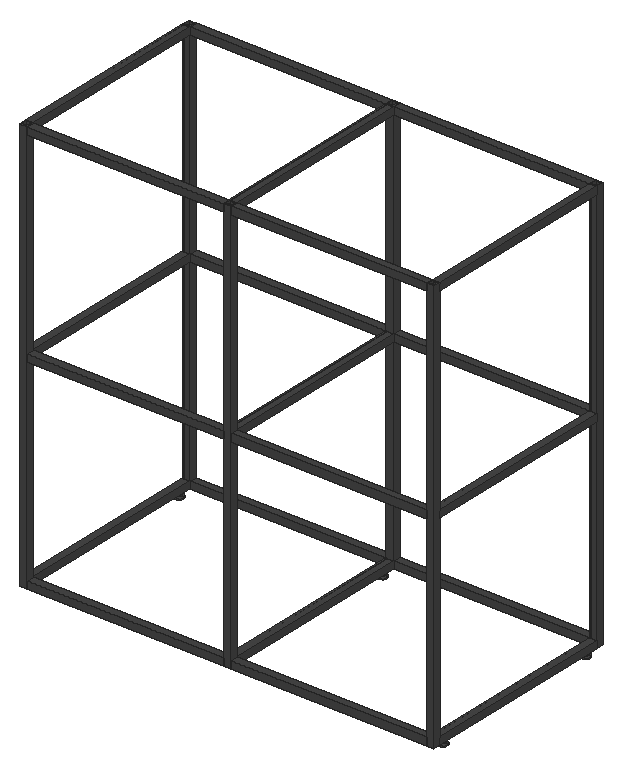
Revit family "DBLTD_TheSenatorGroup_OffcStrg_CrateDivide_InlineFrame_US", category Furniture, Revit 2018
Family settings
  Work Plane-Based = No
  Always vertical = Yes
  Cut with Voids When Loaded = No
  Shared = Yes
  Room Calculation Point = No
Parameters (values of type "2-High 2 Bay Unit")
  WarrantyStartDate [instance] = "1900-12-31T23:59:59"
  WarrantyGuarantorParts = "n/a"
  WarrantyGuarantorLabor = "n/a"
  WarrantyDurationUnit = "Years"
  WarrantyDurationParts = "n/a"
  WarrantyDurationLabor = "n/a"
  WarrantyDescription = "Allermuir will repair, or replace (at Allermuir’s sole discretion) with comparable free of charge materials/ components, any product/ component which fails under normal use in a single shift environment, as a result of a defect in the materials and/or workmanship. Exceptions - Non-standard product - 2 years Screen-mounted Accessories/ Dry-wipe Boards - 2 years Electrical and/or electronic componentry - 2 years. Exclusions - Allermuir does not warrant: Failure due to normal “Wear and Tear”. Natural variations in appearance of wood - its grain, figure and colour. Changes in surface appearance resulting from exposure to light, and the natural ageing process of wood. Changes in surface appearance resulting from the misuse of cleaning materials and methods/ damage form sharp objects/ imprinting from writing implements. Natural variations in Leather - its marks, scars and wrinkles. Product stored/ exposed to extreme operational conditions. Consumable components such as Fuses/ Lights/ lamps/ transformers/etc. Other Manufacturer’s product supplied by Allermuir (their own warranty shall apply where possible). Non-standard fabrics/ finishes or veneers used. Allermuir only checks the manufacturing quality of Customer’s Own Material (COM) and provides no warrant"
  Version = "2"  # constant formula
  Uniclass2015Version = "Products v1.9"
  Uniclass2015Title = "Office storage units"
  Uniclass2015Code = "Pr_40_30_78_57"
  URL = "https://www.thesenatorgroup.com/"
  Type Comments = "2-high 2 bay unit"
  TagNumber [instance] = "n/a"
  SustainabilityPerformance = "Contains up to 50.00% of Recycled Material"
  Style = "n/a"
  Size = "L 18\" x  W 35.5\" x  H 35.5\""
  Shape = "Rectangular"
  SerialNumber [instance] = "n/a"
  Revision = "n/a"
  ReplacementCost = "n/a"
  ProductInformation = "https://www.thesenatorgroup.com/en/catalog/allermuir/tables-storage/crate-divide"
  OmniClassTitle = "Storage"
  OmniClassCode = "22-12 51 19"
  NominalWidth = 899.922 mm
  NominalLength = 899.922 mm
  NominalHeight = 899.922 mm
  NominalDepth = 457.962 mm
  Name = "OfficeStorage_CrateDivide_InlineFrame"
  NBSReference = "45-35-80/360"
  NBSDescription = "Office storage"
  NBSCertification = ""
  ModelReference = "2-high 2 bay unit"
  ModelNumber = "CRT2H2B"
  Model = "CRT2H2B"
  Material = "Tubular Steel"
  ManufacturerURL = "https://www.thesenatorgroup.com/"
  ManufacturerName = "The Senator Group"
  Manufacturer = "The Senator Group"
  MainColor = "n/a"
  Keynote = "Pr_40_30_78_57"
  Is2Bay = yes
  InstallationDate [instance] = "1900-12-31T23:59:59"
  IfcExportType = "STORAGE"  # constant formula
  IfcExportAs = "IfcFurnitureType"  # constant formula
  Grade = "n/a"
  FrameMaterial [instance] = TheSenatorGroup_Plastic_Black
  Finish = "Black powder coat as standard. Optional colours available White, Sage, Bronze and Aubergine"
  Features = "A cube based modular storage system with a prime function to to act as a room divider. Create spaces using the modular design of Crate. Pre-built components can be connected together in-line or at right angles to create different zones within existing spaces."
  ExpectedLife = "n/a"
  DurationUnit = "year"
  Description = "2-high 2 bay unit"
  Cost = 0
  Constituents = "Tubular Steel frame available in Optional White, Sage, Bronze and Aubergine powder coat"
  Color = "Defined by Finish Specifed"
  CodePerformance = "n/a"
  CentralFrame = not(Is2Bay)  # no
  Category = "Pr_40_30_78_57:Office storage units"
  BayHeight = DBLTD_TheSenatorGroup_OffcStrg_CrateDivide_LinkingBars_Nested : Bars to Link 2-High Bay Unit
  BarCode [instance] = "n/a"
  BIMObjectName = "TheSenatorGroup_OfficeStorage_CrateDivide_InlineFrame"
  Author = "Diane Butterworth Ltd"  # constant formula
  AssetType = "Movable"
  AssetIdentifier [instance] = "n/a"
  AccessibilityPerformance = "n/a"
Types (8, lengths in mm): name | Type Comments | Size | NominalWidth | NominalLength | NominalHeight | ModelReference | ModelNumber | Model | Is2Bay | Description | CentralFrame | BayHeight
  2-High 1 Bay Unit | "2-high 1 bay unit" | "L 18\" x  W 18\" x  H 35.5\"" | 457.962 | 457.962 | 899.922 | "2-high 1 bay unit" | "CRT2H1B" | "CRT2H1B" | no | "2-high 1 bay unit" | yes | DBLTD_TheSenatorGroup_OffcStrg_CrateDivide_LinkingBars_Nested : Bars to Link 2-High Bay Unit
  2-High 2 Bay Unit | "2-high 2 bay unit" | "L 18\" x  W 35.5\" x  H 35.5\"" | 899.922 | 899.922 | 899.922 | "2-high 2 bay unit" | "CRT2H2B" | "CRT2H2B" | yes | "2-high 2 bay unit" | no | DBLTD_TheSenatorGroup_OffcStrg_CrateDivide_LinkingBars_Nested : Bars to Link 2-High Bay Unit
  3-High 2 Bay Unit | "3-high 2 bay unit" | "L 18\" x  W 35.5\" x  H 53\"" | 899.922 | 899.922 | 1347.978 | "3-high 2 bay unit" | "CRT3H2B" | "CRT3H2B" | yes | "3-high 2 bay unit" | no | DBLTD_TheSenatorGroup_OffcStrg_CrateDivide_LinkingBars_Nested : Bars to Link 3-High Bay Unit
  3-High 1 Bay Unit | "3-high 1 bay unit" | "L 18\" x  W L 18\" x  H 53\"" | 457.962 | 457.962 | 1347.978 | "3-high 1 bay unit" | "CRT3H1B" | "CRT3H1B" | no | "3-high 1 bay unit" | yes | DBLTD_TheSenatorGroup_OffcStrg_CrateDivide_LinkingBars_Nested : Bars to Link 3-High Bay Unit
  4-High 1 Bay Unit | "4-high 1 bay unit" | "L 18\" x  L 18\" x  H 30\"" | 457.962 | 457.962 | 1789.938 | "4-high 1 bay unit" | "CRT4H1B" | "CRT4H1B" | no | "4-high 1 bay unit" | yes | DBLTD_TheSenatorGroup_OffcStrg_CrateDivide_LinkingBars_Nested : Bars to Link 4-High Bay Unit
  4-High 2 Bay Unit | "4-high 2 bay unit" | "L 18\" x  W 35.5\" x  H 30\"" | 899.922 | 899.922 | 1789.938 | "4-high 2 bay unit" | "CRT4H2B" | "CRT4H2B" | yes | "4-high 2 bay unit" | no | DBLTD_TheSenatorGroup_OffcStrg_CrateDivide_LinkingBars_Nested : Bars to Link 4-High Bay Unit
  5-High 1 Bay Unit | "5-high 1 bay unit" | "L 18\" x  W L 18\" x  H 88\"" | 457.962 | 457.962 | 2231.898 | "5-high 1 bay unit" | "CRT5H1B" | "CRT5H1B" | no | "5-high 1 bay unit" | yes | DBLTD_TheSenatorGroup_OffcStrg_CrateDivide_LinkingBars_Nested : Bars to Link 5-High Bay Unit
  5-High 2 Bay Unit | "5-high 2 bay unit" | "L 18\" x  W 35.5\" x  H 88\"" | 899.922 | 899.922 | 2231.898 | "5-high 2 bay unit" | "CRT5H2B" | "CRT5H2B" | yes | "5-high 2 bay unit" | no | DBLTD_TheSenatorGroup_OffcStrg_CrateDivide_LinkingBars_Nested : Bars to Link 5-High Bay Unit
Reference planes
  plane 1 "Back": y = 0
  plane 2: z = 0
  plane 3 "Center (Left/Right)": x = 0
  plane 4 "Front": y = -457.962
  plane 5 "Left": x = -449.961
  plane 6 "Right": x = 449.961
  plane 7 "Top": z = 899.922
  plane 8: y = -228.981
Dimensions and locks
  "NominalDepth": plane 4 "Front" to plane 1 "Back"
  equal spacing: plane 5 "Left", plane 3 "Center (Left/Right)", plane 6 "Right"
  "NominalLength": plane 5 "Left" to plane 6 "Right"
  "NominalHeight": plane 7 "Top" to level
  equal spacing: plane 4 "Front", plane 8, plane 1 "Back"
  aligned and locked: level to plane 2
  aligned and locked: plane 5 "Left" to nested 1
  aligned and locked: plane 6 "Right" to nested 2
Nested families
  nested 1: "DBLTD_TheSenatorGroup_OffcStrg_CrateDivide_LinkingBars_Nested" at (-220.961, 0, 0), FrameMaterial <- "FrameMaterial", type <- "BayHeight", type "Bars to Link 2-High Bay Unit"
    with FrameMaterial TheSenatorGroup_Plastic_Black
  nested 2: "DBLTD_TheSenatorGroup_OffcStrg_CrateDivide_LinkingBars_Nested" at (220.961, 0, 0), FrameMaterial <- "FrameMaterial", visible <- "Is2Bay", Is2Bay <- "CentralFrame", type <- "BayHeight", type "Bars to Link 2-High Bay Unit"
    with Is2Bay no, FrameMaterial TheSenatorGroup_Plastic_Black
Definition of nested family "DBLTD_TheSenatorGroup_OffcStrg_CrateDivide_LinkingBars_Nested"
  Parameters (values of type "Bars to Link 2-High Bay Unit")
    URL = "https://www.thesenatorgroup.com/"
    Type Comments = ""
    Model = ""
    Manufacturer = "The Senator Group"
    Keynote = ""
    Is2Bay [instance] = yes
    FrameNumber = 2
    FrameMaterial [instance] = none
    FrameHeight = 899.93 mm
    Description = ""
    Cost = 0
  Types (4, lengths in mm): name | FrameNumber | FrameHeight
    Bars to Link 2-High Bay Unit | 2 | 899.93
    Bars to Link 3-High Bay Unit | 3 | 1342
    Bars to Link 4-High Bay Unit | 4 | 1784
    Bars to Link 5-High Bay Unit | 5 | 2226
  Reference planes
    plane 1 "Back": y = 0
    plane 2: z = 0
    plane 3 "Center (Left/Right)": x = 0
    plane 4 "Front": y = -458
    plane 5 "Left": x = -229
    plane 6 "Right": x = 229
    plane 7: y = -229
  Forms (mm)
    Extrusion 1, solid, material <- "FrameMaterial"
      sketch origin (0, 0, 0) x (0, 1, 0) y (0, 0, 1)
        loop
          line (-442.12, 25.88) -> (-458, 25.88) -> (-458, 10) -> (-442.12, 10) -> (-442.12, 25.88)
        loop
          line (0, 25.88) -> (-16, 25.88) -> (-16, 10) -> (0, 10) -> (0, 25.88)
        loop
          line (-2, 23.88) -> (-14, 23.88) -> (-14, 12) -> (-2, 12) -> (-2, 23.88)
        loop
          line (-444.12, 23.88) -> (-456, 23.88) -> (-456, 12) -> (-444.12, 12) -> (-444.12, 23.88)
      from -213.06 to 213.06
    Extrusion 2, solid, material <- "FrameMaterial"
      sketch origin (0, 0, 442.05) x (0, 1, 0) y (0, 0, 1)
        loop
          line (-442.12, 25.88) -> (-458, 25.88) -> (-458, 10) -> (-442.12, 10) -> (-442.12, 25.88)
        loop
          line (0, 25.88) -> (-16, 25.88) -> (-16, 10) -> (0, 10) -> (0, 25.88)
        loop
          line (-2, 23.88) -> (-14, 23.88) -> (-14, 12) -> (-2, 12) -> (-2, 23.88)
        loop
          line (-444.12, 23.88) -> (-456, 23.88) -> (-456, 12) -> (-444.12, 12) -> (-444.12, 23.88)
      from -213.06 to 213.06
    Extrusion 3, solid, material <- "FrameMaterial"
      sketch origin (0, 0, 884.05) x (0, 1, 0) y (0, 0, 1)
        loop
          line (-442.12, 25.88) -> (-458, 25.88) -> (-458, 10) -> (-442.12, 10) -> (-442.12, 25.88)
        loop
          line (0, 25.88) -> (-16, 25.88) -> (-16, 10) -> (0, 10) -> (0, 25.88)
        loop
          line (-2, 23.88) -> (-14, 23.88) -> (-14, 12) -> (-2, 12) -> (-2, 23.88)
        loop
          line (-444.12, 23.88) -> (-456, 23.88) -> (-456, 12) -> (-444.12, 12) -> (-444.12, 23.88)
      from -213.06 to 213.06
    Extrusion 4, solid, material <- "FrameMaterial", visible <- "Is2Bay"
      sketch origin (0, 0, 10) x (-1, 0, 0) y (0, -1, 0)
        loop
          line (229, 0) -> (229, 16) -> (213.06, 16) -> (213.06, 0) -> (229, 0)
        loop
          line (213.06, 442.12) -> (229, 442.12) -> (229, 458) -> (213.06, 458) -> (213.06, 442.12)
        loop
          line (227, 2) -> (227, 14) -> (215.06, 14) -> (215.06, 2) -> (227, 2)
        loop
          line (227, 444.12) -> (227, 456.12) -> (215.06, 456.12) -> (215.06, 444.12) -> (227, 444.12)
      from 0 to 899.93 <- "FrameHeight"
    Extrusion 5, solid, material <- "FrameMaterial"
      sketch origin (0, 0, 10) x (1, 0, 0) y (0, 1, 0)
        loop
          line (229, 0) -> (213.06, 0) -> (213.06, -16) -> (229, -16) -> (229, 0)
        loop
          line (213.06, -442.12) -> (213.06, -458) -> (229, -458) -> (229, -442.12) -> (213.06, -442.12)
        loop
          line (227, -2) -> (215.06, -2) -> (215.06, -14) -> (227, -14) -> (227, -2)
        loop
          line (227, -444.12) -> (215.06, -444.12) -> (215.06, -456.12) -> (227, -456.12) -> (227, -444.12)
      from 0 to 899.93 <- "FrameHeight"
    Extrusion 6, solid, material <- "FrameMaterial"
      sketch origin (-229, -229.06, 0) x (-1, 0, 0) y (0, 0, 1)
        loop
          line (-442.06, 25.88) -> (-458, 25.88) -> (-458, 10) -> (-442.06, 10) -> (-442.06, 25.88)
        loop
          line (-444.06, 23.88) -> (-456, 23.88) -> (-456, 12) -> (-444.06, 12) -> (-444.06, 23.88)
      from -213.06 to 213.06
    Extrusion 7, solid, material <- "FrameMaterial", visible <- "Is2Bay"
      sketch origin (-671.06, -229.06, 0) x (-1, 0, 0) y (0, 0, 1)
        loop
          line (-442.06, 25.88) -> (-458, 25.88) -> (-458, 10) -> (-442.06, 10) -> (-442.06, 25.88)
        loop
          line (-444.06, 23.88) -> (-456, 23.88) -> (-456, 12) -> (-444.06, 12) -> (-444.06, 23.88)
      from -213.06 to 213.06
    Extrusion 8, solid, material <- "FrameMaterial", not visible
      sketch origin (-229, -229.06, -10) x (-1, 0, 0) y (0, 0, 1)
        loop
          line (-442.06, 25.88) -> (-458, 25.88) -> (-458, 10) -> (-442.06, 10) -> (-442.06, 25.88)
        loop
          line (-444.06, 23.88) -> (-456, 23.88) -> (-456, 12) -> (-444.06, 12) -> (-444.06, 23.88)
      from -213.06 to 213.06
    Extrusion 9, solid, material <- "FrameMaterial", visible <- "Is2Bay", not visible
      sketch origin (-671.06, -229.06, -10) x (-1, 0, 0) y (0, 0, 1)
        loop
          line (-442.06, 25.88) -> (-458, 25.88) -> (-458, 10) -> (-442.06, 10) -> (-442.06, 25.88)
        loop
          line (-444.06, 23.88) -> (-456, 23.88) -> (-456, 12) -> (-444.06, 12) -> (-444.06, 23.88)
      from -213.06 to 213.06
    Extrusion 10, solid, material <- "FrameMaterial"
      sketch origin (-229, -229.06, 442.05) x (-1, 0, 0) y (0, 0, 1)
        loop
          line (-442.06, 25.88) -> (-458, 25.88) -> (-458, 10) -> (-442.06, 10) -> (-442.06, 25.88)
        loop
          line (-444.06, 23.88) -> (-456, 23.88) -> (-456, 12) -> (-444.06, 12) -> (-444.06, 23.88)
      from -213.06 to 213.06
    Extrusion 11, solid, material <- "FrameMaterial", visible <- "Is2Bay"
      sketch origin (-671.06, -229.06, 442.05) x (-1, 0, 0) y (0, 0, 1)
        loop
          line (-442.06, 25.88) -> (-458, 25.88) -> (-458, 10) -> (-442.06, 10) -> (-442.06, 25.88)
        loop
          line (-444.06, 23.88) -> (-456, 23.88) -> (-456, 12) -> (-444.06, 12) -> (-444.06, 23.88)
      from -213.06 to 213.06
    Extrusion 12, solid, material <- "FrameMaterial"
      sketch origin (-229, -229.06, 884.05) x (-1, 0, 0) y (0, 0, 1)
        loop
          line (-442.06, 25.88) -> (-458, 25.88) -> (-458, 10) -> (-442.06, 10) -> (-442.06, 25.88)
        loop
          line (-444.06, 23.88) -> (-456, 23.88) -> (-456, 12) -> (-444.06, 12) -> (-444.06, 23.88)
      from -213.06 to 213.06
    Extrusion 13, solid, material <- "FrameMaterial", visible <- "Is2Bay"
      sketch origin (-671.06, -229.06, 884.05) x (-1, 0, 0) y (0, 0, 1)
        loop
          line (-442.06, 25.88) -> (-458, 25.88) -> (-458, 10) -> (-442.06, 10) -> (-442.06, 25.88)
        loop
          line (-444.06, 23.88) -> (-456, 23.88) -> (-456, 12) -> (-444.06, 12) -> (-444.06, 23.88)
      from -213.06 to 213.06
    Revolve 14, solid, visible <- "Is2Bay"
      sketch origin (0, -35, 0) x (1, 0, 0) y (0, 0, 1)
        loop
          line (-221.03, 10) -> (-224.53, 10) -> (-224.53, 3.867) -> (-227.78, 3.867)
          arc (-227.78, 3.867) -> (-229.194, 3.282) -> (-229.78, 1.867) r 2
          line (-229.78, 1.867) -> (-229.78, 0) -> (-221.03, 0) -> (-221.03, 10)
        axis (-221.03, 0) -> (-221.03, 10)
      angle from 0 to 360
    Revolve 15, solid, visible <- "Is2Bay"
      sketch origin (0, -423.12, 0) x (1, 0, 0) y (0, 0, -1)
        loop
          line (-221.03, -10) -> (-221.03, 0) -> (-229.78, 0) -> (-229.78, -1.867)
          arc (-229.78, -1.867) -> (-229.194, -3.282) -> (-227.78, -3.867) r 2
          line (-227.78, -3.867) -> (-224.53, -3.867) -> (-224.53, -10) -> (-221.03, -10)
        axis (-221.03, 0) -> (-221.03, -10)
      angle from 0 to 360
    Revolve 16, solid
      sketch origin (0, -35, 0) x (-1, 0, 0) y (0, 0, -1)
        loop
          line (-221.03, -10) -> (-221.03, 0) -> (-229.78, 0) -> (-229.78, -1.867)
          arc (-229.78, -1.867) -> (-229.194, -3.282) -> (-227.78, -3.867) r 2
          line (-227.78, -3.867) -> (-224.53, -3.867) -> (-224.53, -10) -> (-221.03, -10)
        axis (-221.03, 0) -> (-221.03, -10)
      angle from 0 to 360
    Revolve 17, solid
      sketch origin (0, -423.12, 0) x (-1, 0, 0) y (0, 0, 1)
        loop
          line (-221.03, 10) -> (-224.53, 10) -> (-224.53, 3.867) -> (-227.78, 3.867)
          arc (-227.78, 3.867) -> (-229.194, 3.282) -> (-229.78, 1.867) r 2
          line (-229.78, 1.867) -> (-229.78, 0) -> (-221.03, 0) -> (-221.03, 10)
        axis (-221.03, 0) -> (-221.03, 10)
      angle from 0 to 360
  Dimensions and locks
    plane 4 "Front" to plane 1 "Back" = 458 mm
    equal spacing: plane 5 "Left", plane 3 "Center (Left/Right)", plane 6 "Right"
    plane 5 "Left" to plane 6 "Right" = 458 mm
    equal spacing: plane 4 "Front", plane 7, plane 1 "Back"
    Extrusion 2 to level = 467.93 mm
    group 2 to group 3 = 0 mm  (x2)
    group 2 to group 3 = 442 mm
    group 6 to group 7 = 0 mm  (x2)
    group 6 to group 7 = 442 mm
    aligned and locked: level to plane 2
  Automatic sketch dimensions
    Extrusion 1 sketch curve to Extrusion 1 sketch curve = 15.88 mm  (x3)
    Extrusion 1 sketch curve to Extrusion 1 sketch curve = 2 mm  (x8)
    Extrusion 1 sketch curve to Extrusion 1 sketch curve = 426.12 mm
    Extrusion 1 sketch curve to Extrusion 1 sketch curve = 12 mm
    Extrusion 1 sketch curve to Extrusion 1 sketch curve = 0 mm
    Extrusion 2 sketch curve to Extrusion 2 sketch curve = 15.88 mm  (x3)
    Extrusion 2 sketch curve to Extrusion 2 sketch curve = 2 mm  (x8)
    Extrusion 2 sketch curve to Extrusion 2 sketch curve = 426.12 mm
    Extrusion 2 sketch curve to Extrusion 2 sketch curve = 12 mm
    Extrusion 2 sketch curve to Extrusion 2 sketch curve = 0 mm
    Extrusion 3 sketch curve to Extrusion 3 sketch curve = 15.88 mm  (x3)
    Extrusion 3 sketch curve to Extrusion 3 sketch curve = 2 mm  (x8)
    Extrusion 3 sketch curve to Extrusion 3 sketch curve = 426.12 mm
    Extrusion 3 sketch curve to Extrusion 3 sketch curve = 12 mm
    Extrusion 3 sketch curve to Extrusion 3 sketch curve = 0 mm
    Extrusion 6 sketch curve to Extrusion 6 sketch curve = 11.94 mm
    Extrusion 6 sketch curve to Extrusion 6 sketch curve = 2 mm  (x4)
    Extrusion 6 sketch curve to Extrusion 6 sketch curve = 11.88 mm
    Extrusion 7 sketch curve to Extrusion 7 sketch curve = 11.94 mm
    Extrusion 7 sketch curve to Extrusion 7 sketch curve = 2 mm  (x4)
    Extrusion 7 sketch curve to Extrusion 7 sketch curve = 11.88 mm
    Extrusion 8 sketch curve to Extrusion 8 sketch curve = 11.94 mm
    Extrusion 8 sketch curve to Extrusion 8 sketch curve = 2 mm  (x4)
    Extrusion 8 sketch curve to Extrusion 8 sketch curve = 11.88 mm
    Extrusion 9 sketch curve to Extrusion 9 sketch curve = 11.94 mm
    Extrusion 9 sketch curve to Extrusion 9 sketch curve = 2 mm  (x4)
    Extrusion 9 sketch curve to Extrusion 9 sketch curve = 11.88 mm
    Extrusion 10 sketch curve to Extrusion 10 sketch curve = 11.94 mm
    Extrusion 10 sketch curve to Extrusion 10 sketch curve = 2 mm  (x4)
    Extrusion 10 sketch curve to Extrusion 10 sketch curve = 11.88 mm
    Extrusion 11 sketch curve to Extrusion 11 sketch curve = 11.94 mm
    Extrusion 11 sketch curve to Extrusion 11 sketch curve = 2 mm  (x4)
    Extrusion 11 sketch curve to Extrusion 11 sketch curve = 11.88 mm
    Extrusion 12 sketch curve to Extrusion 12 sketch curve = 11.94 mm
    Extrusion 12 sketch curve to Extrusion 12 sketch curve = 2 mm  (x4)
    Extrusion 12 sketch curve to Extrusion 12 sketch curve = 11.88 mm
    Extrusion 13 sketch curve to Extrusion 13 sketch curve = 11.94 mm
    Extrusion 13 sketch curve to Extrusion 13 sketch curve = 2 mm  (x4)
    Extrusion 13 sketch curve to Extrusion 13 sketch curve = 11.88 mm
    plane 1 "Back" to Extrusion 4 sketch curve = 0 mm
    Extrusion 4 sketch curve to plane 4 "Front" = 0 mm
    Extrusion 4 sketch curve to plane 5 "Left" = 0 mm  (x2)
    plane 5 "Left" to Extrusion 4 sketch curve = 2 mm  (x2)
    plane 1 "Back" to Extrusion 4 sketch curve = 2 mm
    Extrusion 4 sketch curve to Extrusion 4 sketch curve = 11.94 mm  (x2)
    Extrusion 4 sketch curve to Extrusion 4 sketch curve = 2 mm  (x4)
    Extrusion 4 sketch curve to Extrusion 4 sketch curve = 12 mm
    plane 4 "Front" to Extrusion 4 sketch curve = 15.88 mm
    plane 4 "Front" to Extrusion 4 sketch curve = 1.88 mm
    plane 1 "Back" to Extrusion 5 sketch curve = 0 mm
    Extrusion 5 sketch curve to plane 4 "Front" = 0 mm
    Extrusion 5 sketch curve to plane 6 "Right" = 0 mm  (x2)
    Extrusion 5 sketch curve to plane 6 "Right" = 2 mm  (x2)
    plane 1 "Back" to Extrusion 5 sketch curve = 2 mm
    Extrusion 5 sketch curve to Extrusion 5 sketch curve = 11.94 mm  (x2)
    Extrusion 5 sketch curve to Extrusion 5 sketch curve = 2 mm  (x4)
    plane 4 "Front" to Extrusion 5 sketch curve = 1.88 mm
    Extrusion 5 sketch curve to Extrusion 5 sketch curve = 12 mm
    Extrusion 5 sketch curve to Extrusion 5 sketch curve = 14 mm
    Revolve 14 sketch curve to level = 0 mm
    Revolve 14 sketch curve to plane 5 "Left" = 0.78 mm
    plane 5 "Left" to Revolve 14 sketch curve = 1.22 mm
    plane 5 "Left" to Revolve 14 sketch curve = 4.47 mm
    Revolve 14 sketch curve to Revolve 14 sketch curve = 3.5 mm  (x2)
    level to Revolve 14 sketch curve = 1.867 mm
    Revolve 14 sketch curve to Revolve 14 sketch curve = 6.133 mm
    Revolve 14 sketch curve to Revolve 14 sketch curve = 0 mm
    Revolve 14 sketch curve to Revolve 14 sketch curve = 5.73 mm
    Revolve 15 sketch curve to level = 0 mm
    Revolve 15 sketch curve to plane 5 "Left" = 0.78 mm
    plane 5 "Left" to Revolve 15 sketch curve = 1.22 mm
    plane 5 "Left" to Revolve 15 sketch curve = 4.47 mm
    Revolve 15 sketch curve to Revolve 15 sketch curve = 3.5 mm  (x2)
    level to Revolve 15 sketch curve = 1.867 mm
    Revolve 15 sketch curve to Revolve 15 sketch curve = 6.133 mm
    Revolve 15 sketch curve to Revolve 15 sketch curve = 0 mm
    Revolve 15 sketch curve to Revolve 15 sketch curve = 5.73 mm
    Revolve 16 sketch curve to level = 0 mm
    plane 6 "Right" to Revolve 16 sketch curve = 0.78 mm
    Revolve 16 sketch curve to plane 6 "Right" = 1.22 mm
    Revolve 16 sketch curve to plane 6 "Right" = 4.47 mm
    Revolve 16 sketch curve to Revolve 16 sketch curve = 3.5 mm  (x2)
    level to Revolve 16 sketch curve = 1.867 mm
    Revolve 16 sketch curve to Revolve 16 sketch curve = 6.133 mm
    Revolve 16 sketch curve to Revolve 16 sketch curve = 0 mm
    Revolve 16 sketch curve to Revolve 16 sketch curve = 5.73 mm
    Revolve 17 sketch curve to level = 0 mm
    plane 6 "Right" to Revolve 17 sketch curve = 0.78 mm
    Revolve 17 sketch curve to plane 6 "Right" = 1.22 mm
    Revolve 17 sketch curve to plane 6 "Right" = 4.47 mm
    Revolve 17 sketch curve to Revolve 17 sketch curve = 3.5 mm  (x2)
    level to Revolve 17 sketch curve = 1.867 mm
    Revolve 17 sketch curve to Revolve 17 sketch curve = 6.133 mm
    Revolve 17 sketch curve to Revolve 17 sketch curve = 0 mm
    Revolve 17 sketch curve to Revolve 17 sketch curve = 5.73 mm
